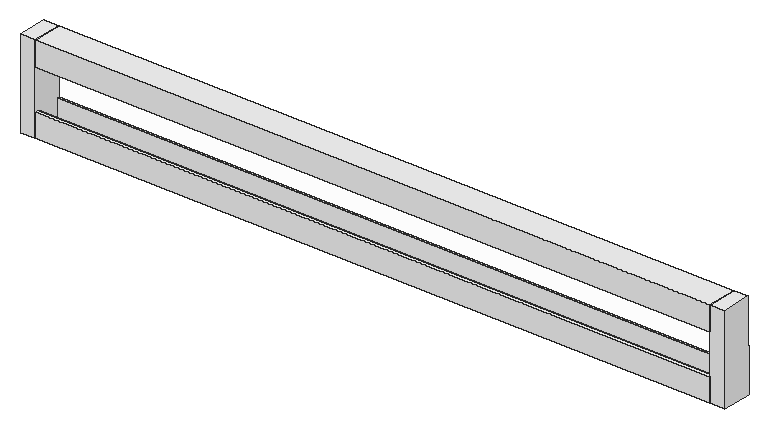
Revit family "SAE104-W", category Lighting Fixtures, host Face, Revit 2021
Family settings
  Host = Face
  Round Connector Dimension = Use Diameter
  Part Type = Normal
  OmniClass Number = 23.80.70.11.14.17
  OmniClass Title = Direct/Indirect
  Cut with Voids When Loaded = No
  Light Source = Yes
  Shared = Yes
  Room Calculation Point = No
Parameters (values of type "SAE104-W-4")
  Wattage = 9.2903 W
  Warranty = "5-Years Warranty"
  built-in parameter 1150110 = 1 (stored number, unit not read)
  Voltage = 120 V
  built-in parameter 1114217 = 1 (stored number, unit not read)
  Tilt Angle = -90.00°
  built-in parameter 1150109 = 1 (stored number, unit not read)
  built-in parameter 1150134 = 3
  built-in parameter 1150113 = 1 (stored number, unit not read)
  Power Factor = 1
  Photometric Web Link = ""
  Photometric Web File = "SAE104-W-LPA-4-SOF-35K-080-8D.IES"
  Photometric Notes = "More IES files download on Photometric Web Link"  # constant formula
  zz Length 1 = 4' - 0"
  Wattage Comments = "Up to 137 lumens/watt efficacy"  # constant formula
  URL = "https://www.currentlighting.com/litecontrol"
  Product Page URL = ""
  Model = "SAE104-W"  # constant formula
  Manufacturer = "Litecontrol"  # constant formula
  built-in parameter 1150105 = 109.82 (stored number, unit not read)
  Lumens = 1380 lm
  built-in parameter 1150115 = 1 (stored number, unit not read)
  Load Classification = Lighting
  built-in parameter 1150137 = (empty or 0)
  built-in parameter 1150139 = (empty or 0)
  built-in parameter 1150112 = 1 (stored number, unit not read)
  built-in parameter 1150114 = 1 (stored number, unit not read)
  Lamp = "LED's"  # constant formula
  built-in parameter 1150132 = (empty or 0)
  built-in parameter 1150102 = (empty or 0)
  built-in parameter 1150107 = 3200 (stored number, unit not read)
  built-in parameter 1150138 = (empty or 0)
  built-in parameter 1150106 = 1.0982 (stored number, unit not read)
  Glass = White Glass
  Emit from Rectangle Width = 0' - 4"  # constant formula
  Emit from Rectangle Length = zz Length 1 - 0' 2"  # 3' - 10"
  Emit Shape Visible in Rendering = no
  built-in parameter 1150104 = 13.8 (stored number, unit not read)
  Dimming Lamp Color Temperature Shift = <None>
  Description = "Linear Pendant Indirect/Direct"  # constant formula
  Default Elevation = 4' - 0"
  Contact Us = ""
  Color Filter = 16777215
  built-in parameter 1114218 = 1 (stored number, unit not read)
  Housing Material = Paint -  Matte White
  built-in parameter 1150133 = 10 (stored number, unit not read)
  Assembly Code = "D5020200"
  Apparent Load = 0 VA
Types (3): name | zz Length 1 | Emit from Rectangle Length
  (no name) | 4' - 0" | 3' - 10"
  SAE104-W-4 | 4' - 0" | 3' - 10"
  SAE104-W-8 | 8' - 0" | 7' - 10"
Reference planes (in)
  plane 1 "Center (Front/Back)": y = 13.01342
  plane 2: z = 0
  plane 3 "Center (Left/Right)": x = 0
Dimensions and locks (in)
  aligned and locked: plane 2 to host face
  aligned and locked: level to host face
  aligned and locked: plane 3 "Center (Left/Right)" to imposter light
  aligned and locked: nested 1 to plane 2
  aligned and locked: nested 1 to plane 3 "Center (Left/Right)"
  aligned and locked: imposter light to nested 1  (x2)
Nested families (in)
  nested 1: "104" at (0.01104, 13.01342, 3.03999) x (-1, 0, 0) z (0, -1, 0), Backbox <- "Housing Material", Glass <- "Glass", Length <- "zz Length 1", type "104"
    with Length 4' - 0", Glass White Glass, Backbox Paint -  Matte White
Connectors (in)
  electrical at (0, 12.01342, 0), driven by "Load Classification", driven by "Voltage", driven by "Apparent Load", driven by "Power Factor"
    settings: on nested 1, index 1, voltage 120 V, apparent load 0 VA, apparent load phase1 0 VA, apparent load phase2 0 VA, apparent load phase3 0 VA, power factor 1, load classification "Lighting", number of poles 1, system type 30, power factor state 1, is connector primary yes, connector utility no, sub classification motor no, connector description "Lighting Connector"
Definition of nested family "104"
  Parameters
    Wattage Comments = ""
    URL = ""
    Model = ""
    Manufacturer = ""
    Length [instance] = 4' - 0"
    Lamp = ""
    Glass [instance] = none
    Description = ""
    Default Elevation = 4' - 0"
    Backbox [instance] = none
    Apparent Load = 0 VA
  Reference planes (in)
    plane 1 "Center (Front/Back)": y = 0.03999
    plane 2: z = 0
    plane 3 "Center (Left/Right)": x = 0.01104
    plane 4: y = 8.13374
    plane 5: y = -8.05376
    plane 6: z = 2
    plane 7: z = 1.875
    plane 8: x = -23.98896
    plane 9: x = 24.01104
    plane 10: x = -22.98896
    plane 11: x = 23.01104
    plane 12: y = 1.41499
    plane 13: y = -1.33501
    plane 14: z = 0.125
    plane 15: y = -2.96001
    plane 16: y = 3.03999
    plane 17: z = 1.75
    plane 18: y = 2.91499
    plane 19: y = -2.83501
  Forms (in)
    Extrusion 1, solid
      sketch origin (0, 0, 0.06357) x (1, 0, 0) y (0, 1, 0)
        loop
          line (-48, 48) -> (-48, -48) -> (48, -48) -> (48, 48) -> (-48, 48)
      from -0.06357 to -12.81105
    Extrusion 2, solid, material <- "Backbox"
      sketch origin (23.01104, -180, 29.46954) x (0, 0, 1) y (0, -1, 0)
        loop
          line (-27.46954, -183.03999) -> (-27.46954, -177.03999) -> (-29.46954, -177.03999) -> (-29.46954, -183.03999) -> (-27.46954, -183.03999)
      from 0 to 1
    Extrusion 3, solid, material <- "Backbox"
      sketch origin (-22.98896, -180, 28.85133) x (0, 0, 1) y (0, -1, 0)
        loop
          line (-26.85133, -183.03999) -> (-26.85133, -177.03999) -> (-28.85133, -177.03999) -> (-28.85133, -183.03999) -> (-26.85133, -183.03999)
      from 0 to -1
    Extrusion 4, solid, material <- "Glass"
      sketch origin (-23.78896, 8.13374, 2) x (0, -1, 0) y (1, 0, 0)
        loop
          line (6.71875, 0.8) -> (9.46875, 0.8) -> (9.46875, 46.8) -> (6.71875, 46.8) -> (6.71875, 0.8)
      from -0.125 to -1.875
    Extrusion 5, solid, material <- "Backbox"
      sketch origin (0.01104, 0, 0) x (0, 1, 0) y (0, 0, 1)
        loop
          line (3.03999, 2) -> (1.41499, 2) -> (1.41499, 1.75) -> (2.91499, 1.75) -> (2.91499, 0.125) -> (1.41499, 0.125) -> (1.41499, 0) -> (3.03999, 0) -> (3.03999, 2)
        loop
          line (-2.96001, 0) -> (-1.33501, 0) -> (-1.33501, 0.125) -> (-2.83501, 0.125) -> (-2.83501, 1.75) -> (-1.33501, 1.75) -> (-1.33501, 2) -> (-2.96001, 2) -> (-2.96001, 0)
      from -23 to 23
  Cuts and joins
    joined: Extrusion 2, Extrusion 3
  Dimensions and locks (in)
    locked: plane 6 to Extrusion 1 at 2
    locked: plane 6 to plane 7 at 0.125
    "Length": plane 9 to plane 8
    locked: plane 10 to plane 8 at 1
    locked: plane 9 to plane 11 at 1
    equal spacing: plane 9, plane 3 "Center (Left/Right)", plane 8
    locked: plane 14 to Extrusion 1 at 0.125
    locked: plane 12 to plane 13 at 2.75
    equal spacing: plane 12, plane 1 "Center (Front/Back)", plane 13
    plane 16 to plane 1 "Center (Front/Back)" to plane 15 = 0' - 3" locked, 0' - 3" locked
    locked: plane 7 to plane 17 at 0.125
    locked: plane 16 to plane 18 at 0.125
    locked: plane 19 to plane 15 at 0.125
    aligned and locked: plane 2 to Extrusion 1
    aligned and locked: plane 9 to cut or joined group of Extrusion 2, Extrusion 3
    aligned and locked: cut or joined group of Extrusion 2, Extrusion 3 to plane 8
    aligned and locked: Extrusion 5 to plane 10
    aligned and locked: plane 11 to Extrusion 5
    aligned and locked: plane 12 to Extrusion 4 sketch curve
    aligned and locked: plane 13 to Extrusion 4 sketch curve
    aligned and locked: Extrusion 3 to Extrusion 4
    aligned and locked: Extrusion 2 to Extrusion 4
    aligned and locked: Extrusion 2 to plane 11
    aligned and locked: plane 6 to Extrusion 5 sketch curve
    aligned and locked: plane 16 to Extrusion 5 sketch curve
    aligned and locked: Extrusion 5 sketch curve to level
    aligned and locked: Extrusion 5 sketch curve to plane 15
    aligned and locked: Extrusion 5 sketch curve to plane 17  (x2)
    aligned and locked: plane 14 to Extrusion 5 sketch curve
    aligned and locked: plane 7 to Extrusion 4
    aligned and locked: plane 19 to Extrusion 5
    aligned and locked: plane 18 to Extrusion 5
    aligned and locked: Extrusion 3 sketch curve to Extrusion 5  (x2)
    aligned and locked: Extrusion 3 sketch curve to plane 15
    aligned and locked: Extrusion 3 to level
    aligned and locked: Extrusion 2 sketch curve to cut or joined group of Extrusion 2, Extrusion 3  (x4)
    aligned and locked: plane 10 to Extrusion 3
    aligned and locked: Extrusion 5 sketch curve to plane 12
    aligned and locked: plane 13 to Extrusion 5 sketch curve
    aligned and locked: Extrusion 4 to Extrusion 5
  Automatic sketch dimensions
    Extrusion 1 sketch curve to Extrusion 1 sketch curve = 8' - 0"  (x2)
    plane 10 to Extrusion 4 sketch curve = 0' - 0"
    Extrusion 4 sketch curve to plane 11 = 0' - 0"
    Extrusion 3 sketch curve to level = 0' - 0"
    Extrusion 5 sketch curve to plane 19 = 0' - 0"
    Extrusion 5 sketch curve to plane 13 = 0' - 0"
    Extrusion 5 sketch curve to plane 12 = 0' - 0"
    Extrusion 5 sketch curve to plane 18 = 0' - 0"
    Extrusion 5 sketch curve to plane 6 = 0' - 0"
    Extrusion 5 sketch curve to level = 0' - 0"
    Extrusion 5 sketch curve to plane 14 = 0' - 0"
